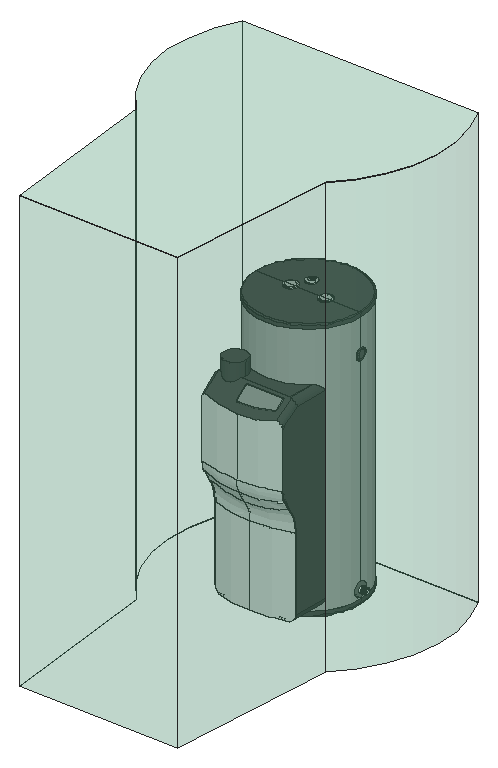
Revit family "Innovo FR_IR 24 245 FR LP", category Mechanical Equipment, Revit 2015
Parameters (values of type "IR-24-245 FR LP")
  largeur d'emballage = 786 mm  # constant formula
  l'Intervalle d'Entretien = "12 mois"  # constant formula
  Workspace Radius = Diameter + 170 mm  # 780 mm
  Workspace Height = Hauteur + 1000 mm  # 2545 mm
  Workspace Front Distance = 1000 mm
  Workspace [instance] = yes
  Valve Height 02 = if(and(Hauteur = 1745 mm, Diameter = 675 mm), 1518 mm, if(and(Hauteur = 1745 mm, Diameter = 610 mm), 1534 mm, if(Hauteur = 1545 mm, 1328 mm, 1070 mm)))  # 1328 mm
  Valve Height 01 = if(and(Diameter > 560 mm), 693 mm, 604 mm)  # 693 mm
  Valeur Maximale du Thermostat de Régulation = 85 °C  # constant formula
  Valeur Manimale du Thermostat de Régulation = 40 °C  # constant formula
  Valeur Défaut du Thermostat de Régulation = 65 °C  # constant formula
  URL = "www.aosmith.fr"
  Type d'Installation = "B23/C13/C33/C43/C53/C63"  # constant formula
  Type d'emballage = "Carton et bois"  # constant formula
  Tension d'Alimentation (-15%, +10%) = 230 V  # constant formula
  Température Maximale des Fumées = 65 °C
  Temps de réchauffement à ΔT = 70°C = "31"
  Temps de réchauffement à ΔT = 55°C = "24"
  Temps de réchauffement à ΔT = 50°C = "22"
  Temps de réchauffement à ΔT = 44°C = "20"
  Temps de réchauffement à ΔT = 28°C = "13"
  Spécifications du Produit = ""
  Réglages du thermostat du chauffe-eau = 65 °C  # constant formula
  Réglage Standard Pour = "G31"
  Rendement Saisonnier (Hs) = [Rendement (Hs, acc. NEN-EN 89 - 1999)]  # 95
  Rendement (Hs, acc. NEN-EN 89 - 1999) = 95
  Rendement (Hi, acc. NEN-EN 89 - 1999) = 106
  Raccord Évacuation de la Condensation = 40 mm  # constant formula
  Raccord de la Soupape de Vidange = 1"
  Raccord de Sortie d'Eau Chaude = 1"
  Raccord de Gaz = 15"  # constant formula
  Raccord d'Alimentation en Eau Froide = 3/4"  # constant formula
  Raccord Robinet de Vidange = 3/4"  # constant formula
  Puissance Électrique Absorbée (sommet) = 105 W
  Puissance Électrique Absorbée (nominal) = 85 W
  Profondeur d'emballage = 946 mm  # constant formula
  Profondeur = 780 mm  # constant formula
  Profils de soutirage déclaré = "XXL"
  Production Nominale = "30100.0"
  Pression de Fonctionnement Maximale = 800000.0 Pa  # constant formula
  Pression Différentielle d'Ouverture de l'Interrupteur de Pression < = 210.0 Pa
  Pression Amont de Gaz = "3700 Pa"
  Precaustions during assembling, installation or maintenance = "voir Manuel d'installation, d'emploi er d'entretien"  # constant formula
  Poids à vide = 120 kg
  Poids de Transport = 136 kg
  Phase = 1
  Pertes en Veille - tous les jours (24h) = 0 W
  Pertes en Veille = 0 W
  Nombre de modèle du produit (EAN) = "8717449286286"
  Niveau du Son dB (A) = "<45"  # constant formula
  Niveau de puissance acoustique à l'intérieur = "58 dB"
  NOx-émissions mg/kWh = "37"
  NOx-émissions (ven air, 0% O2) ppm = "23"
  Modèdele = "IR-32-245"
  Model = "IR-32-325 FR LP"
  Marque commerciale = "A.O. Smith"  # constant formula
  Manufacturer = "A.O. Smith Water Products Company b.v."  # constant formula
  Largeur = Diameter  # 610 mm
  La commande intelligente = no
  L'efficacité énergétique pour le chauffage de l'eau (2) = "-"
  L'efficacité énergétique pour le chauffage de l'eau (1) = "92%"
  Hauteur du Raccordement au Gaz = 920 mm
  Hauteur de la Sortie d'eau Chaude = 1545 mm
  Hauteur de l'Alimentation en eau Froide = 170 mm
  Hauteur d'emballage = 1695 mm
  Hauteur Conduit d'Évacuation des Fumées = 1345 mm
  Hauteur Conduit d'Alimentation en Air = 1345 mm
  Hauteur = 1545 mm
  Guide de Produit = ""
  Garantie sur la Cuve = "36 mois"  # constant formula
  Garantie Pièces = "12 mois"  # constant formula
  Fréquence secteur = 50 Hz  # constant formula
  Forctionner qu'en heures creuses = no
  Fabricant No. = "E 7110"  # constant formula
  Epaisseur d'Isolation = 44 mm
  Débit de vidage à ΔT = 70°C après 90 min. = 710.0 L
  Débit de vidage à ΔT = 70°C après 60 min. = 520.0 L
  Débit de vidage à ΔT = 70°C après 30 min. = 330.0 L
  Débit de vidage à ΔT = 70°C après 120 min. = 900.0 L
  Débit de vidage à ΔT = 55°C après 90 min. = 930.0 L
  Débit de vidage à ΔT = 55°C après 60 min. = 690.0 L
  Débit de vidage à ΔT = 55°C après 30 min. = 440.0 L
  Débit de vidage à ΔT = 55°C après 120 min. = 1200.0 L
  Débit de vidage à ΔT = 50°C après 90 min. = 1100.0 L
  Débit de vidage à ΔT = 50°C après 60 min. = 760.0 L
  Débit de vidage à ΔT = 50°C après 30 min. = 500.0 L
  Débit de vidage à ΔT = 50°C après 120 min. = 1300.0 L
  Débit de vidage à ΔT = 44°C après 90 min. = 1200.0 L
  Débit de vidage à ΔT = 44°C après 60 min. = 870.0 L
  Débit de vidage à ΔT = 44°C après 30 min. = 570.0 L
  Débit de vidage à ΔT = 44°C après 120 min. = 1500.0 L
  Débit de vidage à ΔT = 28°C après 90 min. = 1900.0 L
  Débit de vidage à ΔT = 28°C après 60 min. = 1400.0 L
  Débit de vidage à ΔT = 28°C après 30 min. = 930.0 L
  Débit de vidage à ΔT = 28°C après 120 min. = 2400.0 L
  Débit de vidage en Continu à ΔT = 70°C = 380.0 L/s
  Débit de vidage en Continu à ΔT = 55°C = 480.0 L/s
  Débit de vidage en Continu à ΔT = 50°C = 530.0 L/s
  Débit de vidage en Continu à ΔT = 44°C = 600.0 L/s
  Débit de vidage en Continu à ΔT = 28°C = 960.0 L/s
  Diamètre Cheminée - Système Parallèle = "2x80"  # constant formula
  Diamètre Cheminée - Système Concentrique = "80/125 mm/mm"  # constant formula
  Diamètre Cheminée - Boiler = "80/125 mm/mm"  # constant formula
  Diameter = 610 mm
  Destination / Country = "France"  # constant formula
  Description = "Préparateur ECS Solaire en Combinaison avec Réservoir de Stockage"  # constant formula
  D'autres profils de soutirage = "-"
  Created By = "http://www.cadcompany.nl/"
  Consommation de Gaz - Volume ltr/hr = "a/p"
  Consommation de Gaz - Masse kg/h = "2.30"
  Class d'efficacité énergétique (2) = "-"
  Class d'efficacité énergétique (1) = "A"  # constant formula
  Charge Nominale (Valeur Supérieure) = "31500.0"
  Charge Nominale (Valeur Inférieure) = "29000.0"
  Charge Maximale au Sol = 381 kg
  Catégorie de Gaz = "II2Esi3P"  # constant formula
  Capacité = 245.0 L
  CO2 Émissions (tol. +/- 1.0) vol% = "10"
  CE-PIN = "0063CQ3037"  # constant formula
  BIM Content Developer = "CAD & Company"  # constant formula
  Assembly Code = "D3010"
  Annual fuel consumption (2) = "-"
  Annual fuel consumption (1) = "21 GJ GCV"
  Annual electricity consumption (2) = "-"
  Annual electricity consumption (1) = "44 kWh"
  2ème Entretien (Entretien Général) = "12 mois après l'installation"  # constant formula
  1er Entretien (check-up) = "3 mois après l'installation"  # constant formula
Reference planes
  plane 1 "Center (Front/Back)": y = 0
  plane 2: z = 0
  plane 3 "Center (Left/Right)": x = 0
  plane 4 "Pipe": through (-383.901, 912.349, 194.799) normal (-0.0879, -0.0879, 0.9923)
  plane 5 "footing": y = 118.925
  plane 6 "footing front": y = -237.85
  plane 7: x = -305
  plane 8: x = 305
  plane 9: z = 1545
Forms (mm)
  Revolve 1, solid, material "RAL 9005", detail levels medium+fine
    sketch origin (0, -237.85, 0) x (-1, 0, 0) y (0, 0, 1)
      loop
        line (0, 28.9) -> (-15, 28.9) -> (-15, 26.4) -> (-8.671, 26.4) -> (-8.671, 18) -> (-5.686, 18) -> (-6.626, 17.06) -> (-6.626, 12.06) -> (-8.671, 12.06) -> (-8.671, 10) -> (-10.031, 10) -> (-23.271, 5.181)
        arc (-23.271, 5.181) -> (-23.763, 4.836) -> (-24.017, 4.293) r 1.159
        line (-24.017, 4.293) -> (-24.017, 1.03)
        arc (-24.017, 1.03) -> (-23.715, 0.302) -> (-22.986, 0) r 1.03
        line (-22.986, 0) -> (0, 0) -> (0, 28.9)
      axis (0, 28.9) -> (0, 0)
    angle from 0 to 360
  Revolve 2, solid, material "RAL 9005", detail levels medium+fine
    sketch origin (0, 118.925, 0) x (-1, 0, 0) y (0, 0, 1)
      loop
        line (-205.984, 28.9) -> (-220.984, 28.9) -> (-220.984, 26.4) -> (-214.655, 26.4) -> (-214.655, 18) -> (-211.67, 18) -> (-212.61, 17.06) -> (-212.61, 12.06) -> (-214.655, 12.06) -> (-214.655, 10) -> (-216.015, 10) -> (-229.256, 5.181)
        arc (-229.256, 5.181) -> (-229.747, 4.836) -> (-230.001, 4.293) r 1.159
        line (-230.001, 4.293) -> (-230.001, 1.03)
        arc (-230.001, 1.03) -> (-229.699, 0.302) -> (-228.971, 0) r 1.03
        line (-228.971, 0) -> (-205.984, 0) -> (-205.984, 28.9)
      axis (-205.984, 28.9) -> (-205.984, 0)
    angle from 0 to 360
  Revolve 3, solid, material "RAL 9005", detail levels medium+fine
    sketch origin (0, 118.925, 0) x (-1, 0, 0) y (0, 0, 1)
      loop
        line (204.016, 28.9) -> (189.016, 28.9) -> (189.016, 26.4) -> (195.345, 26.4) -> (195.345, 18) -> (198.33, 18) -> (197.39, 17.06) -> (197.39, 12.06) -> (195.345, 12.06) -> (195.345, 10) -> (193.985, 10) -> (180.744, 5.181)
        arc (180.744, 5.181) -> (180.253, 4.836) -> (179.999, 4.293) r 1.159
        line (179.999, 4.293) -> (179.999, 1.03)
        arc (179.999, 1.03) -> (180.301, 0.302) -> (181.029, 0) r 1.03
        line (181.029, 0) -> (204.016, 0) -> (204.016, 28.9)
      axis (204.016, 28.9) -> (204.016, 0)
    angle from 0 to 360
Lines and regions (mm)
  symbolic lines
    curve 1: line (0, 280.06, 0) -> (0, -280.06, 0)
    curve 2: line (-280.06, 0, 0) -> (280.06, 0, 0)
  symbolic lines, style "Workspace"
    curve 3: line (681.142, 380.06, 0) -> (-681.142, 380.06, 0)
    curve 4: arc (-681.142, 380.06, 0) -> (-777.325, -64.546, 0) -> (-609.127, -487.2, 0) r 780
    curve 5: line (-609.127, -487.2, 0) -> (-421.783, -1517.825, 0)
    curve 6: line (-421.783, -1517.825, 0) -> (424.03, -1517.825, 0)
    curve 7: line (424.03, -1517.825, 0) -> (611.027, -484.816, 0)
    curve 8: arc (611.027, -484.816, 0) -> (777.449, -63.027, 0) -> (681.142, 380.06, 0) r 780
Dimensions and locks
  plane 5 "footing" to plane 1 "Center (Front/Back)" = 118.925 mm
  plane 1 "Center (Front/Back)" to plane 6 "footing front" = 237.85 mm
  "Diameter": plane 7 to plane 8
  equal spacing: plane 7, plane 3 "Center (Left/Right)", plane 8
  "Hauteur": plane 9 to plane 2
  "Workspace Front Distance": curve 6 to nested 3
  "Workspace Radius": radius of curve 4
  "Workspace Radius": radius of curve 8
  aligned and locked: level to plane 2
  aligned and locked: nested 3 to Revolve 1 sketch curve
  aligned and locked: plane 3 "Center (Left/Right)" to Revolve 1 sketch curve
  aligned and locked: nested 3 to plane 1 "Center (Front/Back)"
  aligned and locked: plane 3 "Center (Left/Right)" to nested 3
  aligned and locked: nested 1 to plane 8
  aligned and locked: nested 5 to plane 8
  aligned and locked: nested 2 to plane 7
  aligned and locked: nested 4 to plane 7
  aligned and locked: nested 7 to plane 7
  aligned and locked: nested 8 to plane 3 "Center (Left/Right)"
  aligned and locked: nested 8 to nested 3
  aligned and locked: curve 3 to nested 8
Automatic sketch dimensions
  Revolve 1 sketch curve to level = 0 mm
  plane 3 "Center (Left/Right)" to Revolve 1 sketch curve = 5.686 mm
  Revolve 1 sketch curve to Revolve 1 sketch curve = 0.94 mm  (x2)
  Revolve 1 sketch curve to Revolve 1 sketch curve = 2.046 mm  (x2)
  Revolve 1 sketch curve to Revolve 1 sketch curve = 1.359 mm
  Revolve 1 sketch curve to Revolve 1 sketch curve = 6.329 mm
  level to Revolve 1 sketch curve = 4.091 mm
  Revolve 1 sketch curve to Revolve 1 sketch curve = 12.844 mm
  level to Revolve 1 sketch curve = 1.03 mm
  Revolve 1 sketch curve to Revolve 1 sketch curve = 0.111 mm
  level to Revolve 1 sketch curve = 5.181 mm
  Revolve 1 sketch curve to Revolve 1 sketch curve = 0.745 mm
  level to Revolve 1 sketch curve = 10 mm
  Revolve 1 sketch curve to Revolve 1 sketch curve = 2.06 mm
  Revolve 1 sketch curve to Revolve 1 sketch curve = 5 mm
  Revolve 1 sketch curve to Revolve 1 sketch curve = 8.4 mm
  Revolve 1 sketch curve to Revolve 1 sketch curve = 2.5 mm
  Revolve 1 sketch curve to level = 19.635 mm
  Revolve 1 sketch curve to Revolve 1 sketch curve = 46.465 mm
  Revolve 2 sketch curve to level = 0 mm
  level to Revolve 2 sketch curve = 1.03 mm
  Revolve 2 sketch curve to plane 8 = 74.999 mm
  level to Revolve 2 sketch curve = 5.181 mm
  Revolve 2 sketch curve to Revolve 2 sketch curve = 0.745 mm
  Revolve 2 sketch curve to Revolve 2 sketch curve = 0.397 mm
  Revolve 2 sketch curve to Revolve 2 sketch curve = 8.271 mm
  Revolve 2 sketch curve to Revolve 2 sketch curve = 13.241 mm
  Revolve 2 sketch curve to Revolve 2 sketch curve = 1.359 mm
  Revolve 2 sketch curve to Revolve 2 sketch curve = 6.329 mm
  Revolve 2 sketch curve to Revolve 2 sketch curve = 2.046 mm
  level to Revolve 2 sketch curve = 18 mm
  Revolve 2 sketch curve to Revolve 2 sketch curve = 0.94 mm  (x2)
  Revolve 2 sketch curve to Revolve 2 sketch curve = 8.671 mm
  Revolve 2 sketch curve to Revolve 2 sketch curve = 1.089 mm
  Revolve 2 sketch curve to Revolve 2 sketch curve = 8 mm
  Revolve 2 sketch curve to Revolve 2 sketch curve = 2.06 mm
  Revolve 2 sketch curve to Revolve 2 sketch curve = 8.4 mm
  Revolve 2 sketch curve to Revolve 2 sketch curve = 2.5 mm
  Revolve 2 sketch curve to Revolve 2 sketch curve = 0 mm
  Revolve 2 sketch curve to level = 19.635 mm
  Revolve 2 sketch curve to Revolve 2 sketch curve = 46.465 mm
  Revolve 3 sketch curve to level = 0 mm
  level to Revolve 3 sketch curve = 1.03 mm
  Revolve 3 sketch curve to plane 7 = 125.001 mm
  level to Revolve 3 sketch curve = 5.181 mm
  Revolve 3 sketch curve to Revolve 3 sketch curve = 0.745 mm
  Revolve 3 sketch curve to Revolve 3 sketch curve = 0.397 mm
  Revolve 3 sketch curve to Revolve 3 sketch curve = 8.271 mm
  Revolve 3 sketch curve to Revolve 3 sketch curve = 13.241 mm
  Revolve 3 sketch curve to Revolve 3 sketch curve = 1.359 mm
  Revolve 3 sketch curve to Revolve 3 sketch curve = 6.329 mm
  Revolve 3 sketch curve to Revolve 3 sketch curve = 2.046 mm
  level to Revolve 3 sketch curve = 18 mm
  Revolve 3 sketch curve to Revolve 3 sketch curve = 0.94 mm  (x2)
  Revolve 3 sketch curve to Revolve 3 sketch curve = 8.671 mm
  Revolve 3 sketch curve to Revolve 3 sketch curve = 1.089 mm
  Revolve 3 sketch curve to Revolve 3 sketch curve = 8 mm
  Revolve 3 sketch curve to Revolve 3 sketch curve = 2.06 mm
  Revolve 3 sketch curve to Revolve 3 sketch curve = 8.4 mm
  Revolve 3 sketch curve to Revolve 3 sketch curve = 2.5 mm
  Revolve 3 sketch curve to Revolve 3 sketch curve = 0 mm
  Revolve 3 sketch curve to level = 19.635 mm
  Revolve 3 sketch curve to Revolve 3 sketch curve = 46.465 mm
  curve 4 to curve 8 = 0 mm  (x2)
  plane 1 "Center (Front/Back)" to curve 2 = 0 mm
  curve 1 to plane 3 "Center (Left/Right)" = 0 mm
  plane 1 "Center (Front/Back)" to curve 4 = 0 mm
  curve 4 to plane 3 "Center (Left/Right)" = 0 mm
  curve 5 to plane 6 "footing front" = 249.35 mm
  plane 7 to curve 5 = 116.783 mm
  plane 8 to curve 7 = 119.03 mm
  curve 7 to plane 6 "footing front" = 246.966 mm
  curve 2 to plane 7 = 24.94 mm
  curve 2 to plane 8 = 24.94 mm
  curve 1 to plane 6 "footing front" = 42.21 mm
  plane 5 "footing" to curve 1 = 161.135 mm
Nested families
  nested 1: "Valve" at (305, -0.38, 1328) x (0, 1, 0) z (0, 0, 1), built-in parameter 1001364 <- "Valve Height 02", type "Valve"
  nested 2: "Drain Valve" at (-305, 0, 1328), built-in parameter 1001364 <- "Valve Height 02", type "Drain Valve"
  nested 3: "Housing Mother Housing S 57 (external)" at (0, -299.886, 0), type "Housing Mother_Housing S_57"
    with radius 305 mm, distance to boiler center 154 mm, diameter 610 mm
  nested 4: "Drain Valve" at (-305, 0, 177), type "Drain Valve"
  nested 5: "Drain Valve" at (305, 0, 107) x (-1, 0, 0) z (0, 0, 1), type "Drain Valve"
  nested 6: "Boiler" at (0, 0, 0), height <- "Hauteur", type "Boiler"
    with height 1545 mm, radius 305 mm, Diameter 610 mm
  nested 7: "Drain Valve" at (-305, 0, 693), built-in parameter 1001364 <- "Valve Height 01", type "Drain Valve"
  nested 8: "Innovo_workspace" at (0, 0, 0), Workspace Distance Front <- "Workspace Front Distance", Workspace <- "Workspace", Workspace Height <- "Workspace Height", Workspace Radius <- "Workspace Radius", type "Workspace"
    with Workspace Radius 780 mm, Workspace Height 2545 mm, Workspace Distance Front 1000 mm, Workspace yes, Center to Front 517.825 mm
Connectors
  piping at (339.826, 0, 107), diameter 19.05, driven by "Raccord Robinet de Vidange"
    settings: on nested 5, index 1, connector inside diameter 24", connector length 0 mm, flow factor 0, pipe flow 0.0 L/s, pressure drop 0.0 Pa, fitting loss kfactor 0, connector angle 0.00°, fixture units 0, engagement length 0 mm, angle of deflection 0.00°, flow configuration 0, flow direction 0, fitting loss method 0, system type 19, joint type 0, gender type 0, connector reference index -1, connector utility 0, adjustable connector no, is connector primary yes, connector description ""
  hvac at (-147.013, -346.326, 1310.674)
    settings: on nested 3, index 2, duct flow 0.0 L/s, flow factor 0, pres drop 0.0 Pa, loss coef 0, conn angle 0.00°, conn width 304.8 mm, conn height 304.8 mm, conn diameter 125 mm, duct sys type 4, conn prof type 0, flow config 0, flow direction 0, loss method 0, conn ref index -1, conn util no, is conn primary yes, conn desc ""
Definition of nested family "Valve"
  Parameters (values of type "Valve")
    Type Comments = "T&P valve (internal)"
    Manufacturer = "A.O. Smith"
  Reference planes
    plane 1 "Center (Front/Back)": y = 0
    plane 2: z = 0
    plane 3 "Center (Left/Right)": x = 0
  Forms (mm)
    Extrusion 1, solid, detail levels fine
      sketch origin (0, 0, 0) x (1, 0, 0) y (0, 0, 1)
        loop
          circle (0, 0) r 31.5
      from -2.271 to 1.4
    Sweep 2, solid, detail levels fine
      path origin (0, -1.4, 0) x (1, 0, 0) y (0, 0, 1)
        loop
          circle (0, 0) r 31.5
      profile origin (0, -1.4, 31.5) x (0, 0, -1) y (0, -1, 0)
        loop
          line (7.3, 0) -> (7.3, 3) -> (0, 0) -> (7.3, 0)
  Dimensions and locks
    aligned and locked: level to plane 2
Definition of nested family "Drain Valve"
  Reference planes
    plane 1 "Center (Front/Back)": y = 0
    plane 2: z = 0
    plane 3 "Center (Left/Right)": x = 0
  Forms (mm)
    Revolve 1, solid, detail levels medium+fine
      sketch origin (0, 0, 0) x (1, 0, 0) y (0, 0, 1)
        loop
          line (-33.442, 15.696) -> (-34.826, 14.329) -> (-34.93, 12.731) -> (-16.555, 12.731) -> (-16.555, 0) -> (15.787, 0) -> (15.787, 18.3) -> (-14.4, 18.3) -> (-17.148, 15.533) -> (-18.729, 16.697) -> (-20.091, 15.333) -> (-21.672, 16.496) -> (-23.034, 15.133) -> (-24.614, 16.296) -> (-25.976, 14.932) -> (-27.557, 16.096) -> (-28.919, 14.732) -> (-30.5, 15.896) -> (-31.862, 14.532) -> (-33.442, 15.696)
        axis (-34.93, 0) -> (15.787, 0)
      angle from 0 to 360
  Dimensions and locks
    aligned and locked: level to plane 2
  Nested families
    nested 1: "Rubber sealing" at (2.592, -0.155, 0) x (0.0023, -1, 0) z (0, 0, 1), type "Rubber sealing", detail levels fine
  Definition of nested family "Rubber sealing"
    Reference planes
      plane 1 "Center (Front/Back)": y = 0
      plane 2: z = 0
      plane 3 "Center (Left/Right)": x = 0
    Forms (mm)
      Extrusion 1, solid, detail levels fine
        sketch origin (141.861, 319.581, 0) x (1, 0, 0) y (0, 1, 0)
          loop
            line (-216.354, -311.898) -> (-216.354, -313.94)
            arc (-216.354, -313.94) -> (-141.602, -321.581) -> (-66.861, -313.835) r 366.966
            line (-66.861, -313.835) -> (-66.861, -311.791)
            arc (-66.861, -311.791) -> (-141.602, -319.581) -> (-216.354, -311.898) r 364.966
        from -80 to 80
      Extrusion 2, void
        sketch origin (141.861, 319.581, 0) x (1, 0, 0) y (0, 0, 1)
          loop
            circle (-141.861, 0) r 13
          loop
            circle (-141.861, 0) r 110
          loop
            circle (-141.861, 0) r 40
        from 311.563 to 332.684
      Extrusion 3, void
        sketch origin (141.861, 319.581, 0) x (1, 0, 0) y (0, 0, 1)
          loop
            circle (-141.861, 0) r 18.25
        from 315.524 to 326.084
    Cuts and joins
      Extrusion 2, Extrusion 3 cuts Extrusion 1
    Dimensions and locks
      aligned and locked: level to plane 2
Definition of nested family "Housing Mother Housing S 57 (external)"
  Parameters (values of type "Housing Mother_Housing S_57")
    radius [instance] = 280 mm
    distance to boiler center = if(diameter = 675 mm, 189 mm, if(diameter = 610 mm, 154 mm, 129 mm))  # 129 mm
    diameter = 560 mm
  Reference planes
    plane 1 "Center (Front/Back)": y = 0
    plane 2: z = 0
    plane 3 "Center (Left/Right)": x = 0
    plane 4 "left": through (-245.286, 145.886, 1200) normal (0.9994, 0.0349, 0)
    plane 5: y = -217.939
    plane 6: y = 145.886
    plane 7: z = 1232.6
    plane 8: z = 65.89
    plane 9 "right": through (245.286, 145.886, 1200) normal (0.9994, -0.0349, 0)
    plane 10 "display": through (0, -90.37, 1221.196) normal (0, -0.5736, 0.8192)
    plane 11 "Potentiostat": z = 867.899
    plane 12 "boiler center": y = 274.886
    plane 13: x = -280
    plane 14: x = 280
  Forms (mm)
    Extrusion 1, solid
      sketch origin (0, 0, 0) x (1, 0, 0) y (0, 1, 0)
        loop
          line (-245.286, 145.886) -> (-232.581, -217.939) -> (232.581, -217.939) -> (245.286, 145.886)
          arc (245.286, 145.886) -> (0, 0.923) -> (-245.286, 145.886) r 280
      from 0 to 1232.6
    Sweep 2, void
      path origin (0, 0, 0) x (0, 1, 0) y (0, 0, 1)
        loop
          line (-217.939, 1232.6) -> (-217.939, 795.555)
          arc (-217.939, 795.555) -> (-212.387, 754.285) -> (-197.694, 715.322) r 183.924
          arc (-197.694, 715.322) -> (-179.915, 684.628) -> (-159.106, 655.901) r 348.284
          arc (-159.106, 655.901) -> (-131.411, 600.328) -> (-121.88, 538.973) r 202.254
          line (-121.88, 538.973) -> (-121.88, 61.106)
      profile origin (0, -217.939, 1014.077) x (1, 0, 0) y (0, 1, 0)
        loop
          arc (0, 0) -> (-117.533, 9.941) -> (-231.728, 39.475) r 699.984
          arc (-231.728, 39.475) -> (-233.391, 40.705) -> (-234.07, 42.659) r 3.505
          line (-234.07, 42.659) -> (-254.062, 42.659) -> (-254.062, -142.593) -> (254.07, -142.593) -> (254.07, 42.659) -> (234.07, 42.659)
          arc (234.07, 42.659) -> (233.391, 40.705) -> (231.728, 39.475) r 3.505
          arc (231.728, 39.475) -> (117.533, 9.941) -> (0, 0) r 699.984
    Extrusion 3, void
      sketch origin (0, 0, 0) x (0, 1, 0) y (0, 0, 1)
        loop
          arc (102.864, 70.869) -> (99.804, 70.709) -> (96.874, 69.813) r 12.57
          arc (96.874, 69.813) -> (87.878, 66.533) -> (78.516, 64.529) r 69.114
          arc (78.516, 64.529) -> (76.41, 64.284) -> (74.294, 64.148) r 41.206
          arc (74.294, 64.148) -> (65.203, 64.335) -> (56.122, 64.782) r 318.661
          arc (56.122, 64.782) -> (30.585, 66.179) -> (5.028, 67.128) r 1456.581
          line (5.028, 67.128) -> (-84.534, 73.135)
          arc (-84.534, 73.135) -> (-86.363, 73.808) -> (-87.536, 75.365) r 3.455
          line (-87.536, 75.365) -> (-264.473, 75.365) -> (-264.473, 0) -> (160.886, 0) -> (160.886, 103.945) -> (145.886, 103.945)
          arc (145.886, 103.945) -> (145.104, 97.827) -> (142.923, 92.059) r 26.364
          arc (142.923, 92.059) -> (141.067, 88.936) -> (138.867, 86.045) r 31.715
          arc (138.867, 86.045) -> (135.576, 82.49) -> (132.021, 79.2) r 62.615
          arc (132.021, 79.2) -> (125.841, 74.697) -> (119.091, 71.103) r 54.444
          arc (119.091, 71.103) -> (116.371, 70.272) -> (113.531, 70.123) r 11.669
          line (113.531, 70.123) -> (102.864, 70.869)
      from -254.062 to 254.07
    Sweep 4, void
      path origin (0, 0, 0) x (1, 0, 0) y (0, 1, 0)
        loop
          line (-245.286, 145.886) -> (-232.581, -217.939)
      profile origin (-238.933, -36.027, 0) x (0.999391, 0.034899, 0) y (0, 0, 1)
        loop
          line (-4.454, 0) -> (47.084, 0) -> (47.084, 73.431)
          arc (47.084, 73.431) -> (14.222, 85.134) -> (0.255, 117.1) r 43.922
          line (0.255, 117.1) -> (-4.454, 117.1) -> (-4.454, 0)
    Sweep 5, void
      path origin (0, 0, 0) x (-1, 0, 0) y (0, 1, 0)
        loop
          line (-245.286, 145.886) -> (-232.581, -217.939)
      profile origin (238.933, -36.027, 0) x (0.999391, -0.034899, 0) y (0, 0, 1)
        loop
          line (4.454, 0) -> (4.454, 117.1) -> (-0.255, 117.1)
          arc (-0.255, 117.1) -> (-14.222, 85.134) -> (-47.084, 73.431) r 43.922
          line (-47.084, 73.431) -> (-47.084, 0) -> (4.454, 0)
    Sweep 6, void
      path origin (-239.899, -8.377, 0) x (-0.034899, 0.999391, 0) y (0, 0, 1)
        loop
          line (-209.69, 1141.272) -> (-79.18, 1232.6) -> (154.358, 1232.6)
      profile origin (-241.211, 29.188, 1232.6) x (0, 0, 1) y (0.999391, 0.034899, 0)
        loop
          line (-45, -30) -> (75, -30) -> (75, 0) -> (75, 55) -> (2.799, 55) -> (-1.253, 35.128)
          arc (-1.253, 35.128) -> (-16.771, 9.564) -> (-45, -0.308) r 44.287
          line (-45, -0.308) -> (-45, -30)
    Sweep 7, void
      path origin (239.899, -8.377, 0) x (0.034899, 0.999391, 0) y (0, 0, 1)
        loop
          line (-209.69, 1141.272) -> (-79.18, 1232.6) -> (154.358, 1232.6)
      profile origin (241.211, 29.188, 1232.6) x (0, 0, -1) y (-0.999391, 0.034899, 0)
        loop
          line (-75, -25) -> (45, -25) -> (45, -0.308)
          arc (45, -0.308) -> (16.771, 9.564) -> (1.253, 35.128) r 44.287
          line (1.253, 35.128) -> (-2.799, 55) -> (-75, 55) -> (-75, -25)
    Extrusion 8, void
      sketch origin (0, 0, 0) x (0, 1, 0) y (0, 0, 1)
        loop
          line (-270, 1336.099) -> (-270, 1099.081) -> (68.497, 1336.099) -> (-270, 1336.099)
      from -425.038 to 444.42
    Extrusion 9, solid, detail levels medium+fine
      sketch origin (0, 0, 0) x (1, 0, 0) y (0, 1, 0)
        loop
          circle (-147.013, -46.44) r 65
      from 1163.174 to 1310.674
    Extrusion 10, void
      sketch origin (0, -603.506, 861.895) x (0, 0.819152, 0.573576) y (-1, 0, 0)
        loop
          arc (618.322, -173) -> (623.272, -170.95) -> (625.322, -166) r 7
          line (625.322, -166) -> (625.322, 35)
          arc (625.322, 35) -> (623.272, 39.95) -> (618.322, 42) r 7
          line (618.322, 42) -> (535.473, 42)
          arc (535.473, 42) -> (530.688, 40.11) -> (528.488, 35.46) r 7
          arc (528.488, 35.46) -> (531.569, -67.592) -> (554.18, -168.18) r 540
          arc (554.18, -168.18) -> (556.724, -171.668) -> (560.831, -173) r 7
          line (560.831, -173) -> (618.322, -173)
      from 0 to 137.286
    Sweep 11, solid, detail levels fine
      path origin (0, 0, 867.899) x (-1, 0, 0) y (0, -1, 0)
        loop
          line (309.749, -35.617) -> (204.371, -35.617)
          arc (204.371, -35.617) -> (196.509, -34.687) -> (189.082, -31.947) r 33.677
          line (189.082, -31.947) -> (-9.574, 69.274)
      profile origin (-257.06, 35.617, 867.899) x (0, 1, 0) y (0, 0, 1)
        loop
          circle (0, 0) r 7.316
        loop
          circle (0, 0) r 6.465
    Revolve 12, void
      sketch origin (0, 274.886, 0) x (-1, 0, 0) y (0, 0, 1)
        loop
          line (280, 1243.838) -> (0, 1243.838) -> (0, 54.9) -> (280, 54.9) -> (280, 1243.838)
        axis (0, 1243.838) -> (0, 54.9)
      angle from 0 to 360
  Cuts and joins
    Sweep 2, Extrusion 3, Sweep 4, Sweep 5, Sweep 6, Sweep 7, Extrusion 8, Extrusion 10, Revolve 12 cuts Extrusion 1
  Dimensions and locks
    plane 8 to plane 2 = 65.89 mm
    plane 7 to plane 8 = 1166.71 mm
    "distance to boiler center": plane 12 "boiler center" to plane 6
    "diameter": plane 14 to plane 13
    equal spacing: plane 14, plane 3 "Center (Left/Right)", plane 13
    "radius": plane 3 "Center (Left/Right)" to plane 13
    aligned and locked: level to plane 2
    aligned and locked: Extrusion 1 to plane 7
    aligned and locked: Extrusion 1 sketch curve to plane 5
    aligned and locked: Sweep 2 to Extrusion 3
    aligned and locked: Extrusion 3 to Sweep 2  (x2)
    aligned and locked: plane 7 to Sweep 2 sketch curve
    aligned and locked: plane 3 "Center (Left/Right)" to Revolve 12 sketch curve
    aligned and locked: Revolve 12 sketch curve to plane 3 "Center (Left/Right)"
    aligned and locked: plane 13 to Revolve 12 sketch curve
  Automatic sketch dimensions
    Extrusion 1 sketch curve to plane 4 "left" = 0 mm  (x2)
    Extrusion 1 sketch curve to plane 6 = 0 mm  (x2)
    Extrusion 1 sketch curve to plane 3 "Center (Left/Right)" = 0 mm
    Extrusion 1 sketch curve to plane 9 "right" = 0 mm
    plane 6 to Extrusion 1 sketch curve = 135.037 mm
    Sweep 2 sketch curve to plane 5 = 0 mm
    plane 5 to Sweep 2 sketch curve = 106.195 mm
    Sweep 2 sketch curve to plane 5 = 96.059 mm
    plane 1 "Center (Front/Back)" to Sweep 2 sketch curve = 34.053 mm
    plane 11 "Potentiostat" to Sweep 2 sketch curve = 6.417 mm
    Sweep 2 sketch curve to plane 6 = 33.705 mm
    Sweep 2 sketch curve to plane 11 "Potentiostat" = 68.615 mm
    Sweep 2 sketch curve to plane 11 "Potentiostat" = 72.345 mm
    Sweep 2 sketch curve to Sweep 2 sketch curve = 176.349 mm
    Sweep 2 sketch curve to Sweep 2 sketch curve = 0 mm  (x2)
    plane 8 to Sweep 2 sketch curve = 4.784 mm
    Extrusion 3 sketch curve to level = 0 mm
    Extrusion 3 sketch curve to plane 6 = 0 mm
    Extrusion 3 sketch curve to plane 6 = 26.363 mm
    Extrusion 3 sketch curve to Extrusion 3 sketch curve = 4.75 mm
    Extrusion 3 sketch curve to Extrusion 3 sketch curve = 5.179 mm
    Extrusion 3 sketch curve to plane 8 = 4.232 mm
    Extrusion 3 sketch curve to Extrusion 3 sketch curve = 0.814 mm
    Extrusion 3 sketch curve to plane 8 = 4.978 mm
    Extrusion 3 sketch curve to Extrusion 3 sketch curve = 10.667 mm
    Extrusion 3 sketch curve to Extrusion 3 sketch curve = 0.877 mm
    Extrusion 3 sketch curve to Extrusion 3 sketch curve = 17.827 mm
    Extrusion 3 sketch curve to Extrusion 3 sketch curve = 5.646 mm
    Extrusion 3 sketch curve to plane 6 = 69.562 mm
    Extrusion 3 sketch curve to Extrusion 3 sketch curve = 18.6 mm
    Extrusion 3 sketch curve to Extrusion 3 sketch curve = 22.538 mm
    Extrusion 3 sketch curve to plane 8 = 1.238 mm
    Extrusion 3 sketch curve to plane 1 "Center (Front/Back)" = 5.028 mm
    plane 1 "Center (Front/Back)" to Extrusion 3 sketch curve = 36.224 mm
    Extrusion 3 sketch curve to plane 8 = 10.692 mm
    plane 1 "Center (Front/Back)" to Extrusion 3 sketch curve = 84.302 mm
    Extrusion 3 sketch curve to plane 8 = 7.244 mm
    Extrusion 3 sketch curve to Extrusion 3 sketch curve = 0.231 mm
    Extrusion 3 sketch curve to Extrusion 3 sketch curve = 3.234 mm
    plane 5 to Extrusion 3 sketch curve = 46.534 mm
    plane 6 to Extrusion 3 sketch curve = 15 mm
    Extrusion 3 sketch curve to level = 1388.869 mm
    plane 8 to Extrusion 3 sketch curve = 7.561 mm
    Extrusion 3 sketch curve to Extrusion 3 sketch curve = 11.64 mm
    Extrusion 3 sketch curve to plane 8 = 38.054 mm
    Extrusion 3 sketch curve to Extrusion 3 sketch curve = 22.442 mm
    Extrusion 3 sketch curve to plane 8 = 39.432 mm
    Extrusion 3 sketch curve to Extrusion 3 sketch curve = 2.466 mm
    Extrusion 3 sketch curve to Extrusion 3 sketch curve = 14.17 mm
    Extrusion 3 sketch curve to Extrusion 3 sketch curve = 5.925 mm
    Extrusion 3 sketch curve to Extrusion 3 sketch curve = 6.186 mm
    Extrusion 3 sketch curve to Extrusion 3 sketch curve = 249.85 mm
    Extrusion 3 sketch curve to Extrusion 3 sketch curve = 0 mm  (x4)
    Extrusion 3 sketch curve to Extrusion 3 sketch curve = 6.845 mm
    plane 8 to Extrusion 3 sketch curve = 1.743 mm
    Sweep 4 sketch curve to plane 4 "left" = 0 mm  (x2)
    Sweep 4 sketch curve to plane 6 = 0 mm
    plane 5 to Sweep 4 sketch curve = 0 mm
    Sweep 4 sketch curve to level = 0 mm
    profile plane to Sweep 4 sketch curve = 4.454 mm
    Sweep 4 sketch curve to profile plane = 0.255 mm
    Sweep 4 sketch curve to Sweep 4 sketch curve = 43.922 mm
    Sweep 4 sketch curve to profile plane = 47.084 mm
    level to Sweep 4 sketch curve = 73.431 mm
    Sweep 4 sketch curve to Sweep 4 sketch curve = 43.669 mm
    Sweep 5 sketch curve to plane 6 = 0 mm
    Sweep 5 sketch curve to plane 9 "right" = 0 mm  (x2)
    plane 5 to Sweep 5 sketch curve = 0 mm
    Sweep 5 sketch curve to level = 0 mm
    profile plane to Sweep 5 sketch curve = 47.084 mm
    Sweep 5 sketch curve to Sweep 5 sketch curve = 2.907 mm
    profile plane to Sweep 5 sketch curve = 0.255 mm
    Sweep 5 sketch curve to profile plane = 4.454 mm
    level to Sweep 5 sketch curve = 73.431 mm
    Sweep 5 sketch curve to Sweep 5 sketch curve = 43.669 mm
    Sweep 6 sketch curve to plane 7 = 0 mm
    plane 7 to Sweep 6 sketch curve = 91.328 mm
    Sweep 6 sketch curve to Sweep 6 sketch curve = 130.509 mm
    Sweep 6 sketch curve to Sweep 6 sketch curve = 233.538 mm
    Sweep 6 sketch curve to plane 4 "left" = 0 mm
    profile plane to Sweep 6 sketch curve = 45 mm
    Sweep 6 sketch curve to Sweep 6 sketch curve = 0.354 mm
    profile plane to Sweep 6 sketch curve = 1.253 mm
    Sweep 6 sketch curve to profile plane = 2.799 mm
    Sweep 6 sketch curve to Sweep 6 sketch curve = 72.201 mm
    Sweep 6 sketch curve to plane 4 "left" = 0.308 mm
    Sweep 6 sketch curve to Sweep 6 sketch curve = 29.692 mm
    plane 4 "left" to Sweep 6 sketch curve = 35.128 mm
    plane 4 "left" to Sweep 6 sketch curve = 55 mm
    Sweep 7 sketch curve to plane 7 = 0 mm
    Sweep 7 sketch curve to plane 7 = 91.328 mm
    Sweep 7 sketch curve to Sweep 7 sketch curve = 130.509 mm
    Sweep 7 sketch curve to Sweep 7 sketch curve = 233.538 mm
    Sweep 7 sketch curve to plane 9 "right" = 25 mm
    profile plane to Sweep 7 sketch curve = 75 mm
    profile plane to Sweep 7 sketch curve = 2.799 mm
    Sweep 7 sketch curve to profile plane = 1.253 mm
    Sweep 7 sketch curve to Sweep 7 sketch curve = 43.393 mm
    Sweep 7 sketch curve to profile plane = 45 mm
    Sweep 7 sketch curve to plane 9 "right" = 0.308 mm
    plane 9 "right" to Sweep 7 sketch curve = 35.128 mm
    Sweep 7 sketch curve to Sweep 7 sketch curve = 19.872 mm
    plane 5 to Extrusion 8 sketch curve = 52.061 mm
    Extrusion 8 sketch curve to plane 1 "Center (Front/Back)" = 68.497 mm
    plane 7 to Extrusion 8 sketch curve = 133.519 mm
    Extrusion 8 sketch curve to plane 7 = 103.499 mm
    plane 1 "Center (Front/Back)" to Extrusion 9 sketch curve = 46.44 mm
    Extrusion 9 sketch curve to plane 3 "Center (Left/Right)" = 147.013 mm
    Extrusion 10 sketch curve to plane 3 "Center (Left/Right)" = 0 mm
    Extrusion 10 sketch curve to plane 3 "Center (Left/Right)" = 35 mm
    Extrusion 10 sketch curve to Extrusion 10 sketch curve = 25.359 mm
    Extrusion 10 sketch curve to Extrusion 10 sketch curve = 57.491 mm
    Extrusion 10 sketch curve to plane 3 "Center (Left/Right)" = 42 mm
    Extrusion 10 sketch curve to Extrusion 10 sketch curve = 82.85 mm
    Extrusion 10 sketch curve to Extrusion 10 sketch curve = 7 mm
    Extrusion 10 sketch curve to Extrusion 10 sketch curve = 442 mm
    plane 3 "Center (Left/Right)" to Extrusion 10 sketch curve = 166 mm
    Extrusion 10 sketch curve to Extrusion 10 sketch curve = 0 mm  (x2)
    Sweep 11 sketch curve to plane 1 "Center (Front/Back)" = 31.947 mm
    Sweep 11 sketch curve to plane 3 "Center (Left/Right)" = 189.082 mm
    Sweep 11 sketch curve to plane 1 "Center (Front/Back)" = 1.94 mm
    Sweep 11 sketch curve to Sweep 11 sketch curve = 15.289 mm
    plane 3 "Center (Left/Right)" to Sweep 11 sketch curve = 9.574 mm
    Sweep 11 sketch curve to Sweep 11 sketch curve = 105.378 mm
    plane 1 "Center (Front/Back)" to Sweep 11 sketch curve = 69.274 mm
    Sweep 11 sketch curve to Sweep 11 sketch curve = 0 mm  (x2)
    Sweep 11 sketch curve to plane 11 "Potentiostat" = 0 mm
    Sweep 11 sketch curve to profile plane = 0 mm
    plane 8 to Revolve 12 sketch curve = 10.99 mm
    Revolve 12 sketch curve to plane 7 = 11.238 mm
    Revolve 12 sketch curve to level = 366.045 mm
    Revolve 12 sketch curve to Revolve 12 sketch curve = 971.917 mm
    Sweep 2 sketch curve to plane 3 "Center (Left/Right)" = 0 mm
    profile plane to Sweep 2 sketch curve = 0 mm
    Sweep 2 sketch curve to plane 3 "Center (Left/Right)" = 0.016 mm
    Sweep 2 sketch curve to profile plane = 42.782 mm  (x2)
    Sweep 2 sketch curve to plane 3 "Center (Left/Right)" = 230.568 mm
    plane 3 "Center (Left/Right)" to Sweep 2 sketch curve = 0.016 mm
    plane 3 "Center (Left/Right)" to Sweep 2 sketch curve = 230.568 mm
    Sweep 2 sketch curve to Sweep 2 sketch curve = 3.502 mm  (x2)
    Sweep 2 sketch curve to Sweep 2 sketch curve = 20 mm
    profile plane to Sweep 2 sketch curve = 142.593 mm
    Sweep 2 sketch curve to Sweep 2 sketch curve = 0.122 mm  (x2)
    Sweep 2 sketch curve to Sweep 2 sketch curve = 657.203 mm
    Sweep 2 sketch curve to Sweep 2 sketch curve = 19.991 mm
    radius of Extrusion 9 sketch curve = 65 mm
    radius of Sweep 11 sketch curve = 7.316 mm
    radius of Sweep 11 sketch curve = 6.465 mm
  Nested families
    nested 1: "display" at (65.5, -130.939, 1192.79) x (-1, 0, 0) z (0, -0.5736, 0.8192), type "display"
  Definition of nested family "display"
    Parameters (values of type "display")
      Default Elevation = 1219.2 mm
    Reference planes
      plane 1 "Center (Front/Back)": y = 0
      plane 2: z = 0
      plane 3 "Center (Left/Right)": x = 0
    Forms (mm)
      Extrusion 1, solid, detail levels medium+fine
        sketch origin (-16.958, 11.842, -343.878) x (1, 0, 0) y (0, 0, -1)
          loop
            line (-233.523, -343.878) -> (-233.523, -346.592) -> (332.686, -346.592) -> (332.686, -343.878) -> (-233.523, -343.878)
        from -228.7 to 150.822
      Extrusion 2, void
        sketch origin (-16.958, 6.842, -343.878) x (1, 0, 0) y (0, 1, 0)
          loop
            line (-233.523, 155.822) -> (-233.523, -223.7) -> (332.686, -223.7) -> (332.686, 155.822) -> (-233.523, 155.822)
          loop
            arc (-90.542, -48.267) -> (-88.492, -53.216) -> (-83.542, -55.267) r 7
            line (-83.542, -55.267) -> (117.458, -55.267)
            arc (117.458, -55.267) -> (122.408, -53.216) -> (124.458, -48.267) r 7
            line (124.458, -48.267) -> (124.458, 34.583)
            arc (124.458, 34.583) -> (122.568, 39.368) -> (117.918, 41.568) r 7
            arc (117.918, 41.568) -> (14.866, 38.487) -> (-85.722, 15.876) r 540
            arc (-85.722, 15.876) -> (-89.21, 13.332) -> (-90.542, 9.224) r 7
            line (-90.542, 9.224) -> (-90.542, -48.267)
        from 328.878 to 363.083
    Cuts and joins
      Extrusion 2 cuts Extrusion 1
    Dimensions and locks
      aligned and locked: level to plane 2
Definition of nested family "Boiler"
  Parameters (values of type "Boiler")
    radius [instance] = 280 mm
    height [instance] = 1270 mm
    Diameter = 560 mm
  Reference planes
    plane 1 "Center (Front/Back)": y = 0
    plane 2: z = 0
    plane 3 "Center (Left/Right)": x = 0
    plane 4: z = 1243.838
    plane 5: z = 1270
    plane 6 "bottom": z = 28.9
    plane 7: z = 54.9
    plane 8 "top controle": y = 88
    plane 9: x = -280
    plane 10: x = 280
  Forms (mm)
    Revolve 1, solid
      sketch origin (0, 0, 0) x (1, 0, 0) y (0, 0, 1)
        loop
          line (0, 54.9) -> (-280, 54.9) -> (-280, 32.9)
          arc (-280, 32.9) -> (-278.828, 30.072) -> (-276, 28.9) r 4
          line (-276, 28.9) -> (0, 28.9) -> (0, 54.9)
        axis (0, 28.9) -> (0, 54.9)
      angle from 0 to 360
    Revolve 2, solid
      sketch origin (1.311, 0, 0) x (1, 0, 0) y (0, 0, 1)
        loop
          line (-278.86, 1243.838) -> (-278.86, 54.9) -> (-1.311, 54.9) -> (-1.311, 1243.838) -> (-278.86, 1243.838)
        axis (-1.311, 1243.838) -> (-1.311, 54.9)
      angle from 0 to 360
    Revolve 3, solid
      sketch origin (-9.205, 0, 377.212) x (-1, 0, 0) y (0, 0, 1)
        loop
          line (-148.904, 892.788) -> (-110.805, 892.788) -> (-110.805, 895.963) -> (-141.883, 895.963) -> (-148.904, 893.62) -> (-148.904, 892.788)
        axis (-110.805, 892.788) -> (-110.805, 895.963)
      angle from 0 to 360
    Revolve 4, solid
      sketch origin (0, 0, 718.065) x (1, 0, 0) y (0, 0, -1)
        loop
          line (0, -525.773) -> (-280, -525.773) -> (-280, -547.935)
          arc (-280, -547.935) -> (-278.828, -550.763) -> (-276, -551.935) r 4
          line (-276, -551.935) -> (0, -551.935) -> (0, -525.773)
        axis (0, -551.935) -> (0, -525.773)
      angle from 0 to 360
    Revolve 5, solid
      sketch origin (0, 88, 0) x (1, 0, 0) y (0, 0, 1)
        loop
          line (-19.051, 1270) -> (-19.051, 1271.074) -> (-32.63, 1275.604) -> (-32.63, 1271.117) -> (-37.266, 1271.117) -> (-38.383, 1270) -> (-19.051, 1270)
        axis (-50.8, 1270) -> (-50.8, 1275.604)
      angle from 0 to 360
    Revolve 6, solid
      sketch origin (-217.12, 0, 372.245) x (-1, 0, 0) y (0, 0, 1)
        loop
          line (-153.622, 897.755) -> (-115.52, 897.755) -> (-115.52, 900.93) -> (-146.626, 900.93) -> (-153.622, 898.596) -> (-153.622, 897.755)
        axis (-115.52, 897.755) -> (-115.52, 900.93)
      angle from 0 to 360
  Dimensions and locks
    "height": plane 5 to plane 2
    plane 6 "bottom" to plane 2 = 28.9 mm
    locked: plane 5 to plane 4 at 26.162
    locked: plane 1 "Center (Front/Back)" to plane 8 "top controle" at 88
    "Diameter": plane 10 to plane 9
    equal spacing: plane 10, plane 3 "Center (Left/Right)", plane 9
    "radius": plane 3 "Center (Left/Right)" to plane 9
    locked: plane 9 to Revolve 2 sketch curve at 2.452
    aligned and locked: level to plane 2
    aligned and locked: Revolve 2 sketch curve to plane 7
    aligned and locked: Revolve 2 sketch curve to plane 4
    aligned and locked: Revolve 1 sketch curve to plane 7
    aligned and locked: plane 6 "bottom" to Revolve 1 sketch curve
    aligned and locked: Revolve 4 sketch curve to plane 3 "Center (Left/Right)"
    aligned and locked: plane 5 to Revolve 4 sketch curve
    aligned and locked: Revolve 4 sketch curve to plane 4
    aligned and locked: plane 9 to Revolve 4 sketch curve
    aligned and locked: Revolve 1 sketch curve to plane 9
    aligned and locked: Revolve 2 sketch curve to plane 3 "Center (Left/Right)"
    aligned and locked: plane 3 "Center (Left/Right)" to Revolve 2 sketch curve
  Automatic sketch dimensions
    Revolve 1 sketch curve to plane 3 "Center (Left/Right)" = 0 mm  (x2)
    Revolve 1 sketch curve to Revolve 1 sketch curve = 4 mm
    Revolve 1 sketch curve to level = 40 mm
    Revolve 1 sketch curve to Revolve 1 sketch curve = 305.1 mm
    Revolve 2 sketch curve to level = 366.045 mm
    Revolve 2 sketch curve to plane 5 = 945.755 mm
    Revolve 3 sketch curve to plane 5 = 0 mm
    Revolve 3 sketch curve to plane 3 "Center (Left/Right)" = 139.699 mm
    plane 5 to Revolve 3 sketch curve = 3.175 mm
    Revolve 3 sketch curve to Revolve 3 sketch curve = 7.022 mm
    Revolve 3 sketch curve to Revolve 3 sketch curve = 31.078 mm
    Revolve 3 sketch curve to Revolve 3 sketch curve = 0.832 mm
    Revolve 3 sketch curve to Revolve 3 sketch curve = 0 mm
    Revolve 3 sketch curve to Revolve 3 sketch curve = 2.338 mm
    Revolve 3 sketch curve to Revolve 3 sketch curve = 4.487 mm
    Revolve 4 sketch curve to plane 3 "Center (Left/Right)" = 0 mm
    Revolve 4 sketch curve to Revolve 4 sketch curve = 4 mm
    Revolve 4 sketch curve to Revolve 4 sketch curve = 68.738 mm
    Revolve 4 sketch curve to Revolve 4 sketch curve = 305.1 mm
    Revolve 6 sketch curve to plane 5 = 0 mm
    plane 3 "Center (Left/Right)" to Revolve 6 sketch curve = 63.497 mm
    plane 5 to Revolve 6 sketch curve = 3.175 mm
    Revolve 6 sketch curve to Revolve 6 sketch curve = 6.997 mm
    Revolve 6 sketch curve to Revolve 6 sketch curve = 31.106 mm
    Revolve 6 sketch curve to Revolve 6 sketch curve = 0.84 mm
    Revolve 6 sketch curve to Revolve 6 sketch curve = 0 mm
    Revolve 6 sketch curve to Revolve 6 sketch curve = 7.216 mm
    Revolve 6 sketch curve to Revolve 6 sketch curve = 0.391 mm
    Revolve 5 sketch curve to Revolve 5 sketch curve = 13.578 mm
    Revolve 5 sketch curve to Revolve 5 sketch curve = 1.074 mm
    Revolve 5 sketch curve to Revolve 5 sketch curve = 12.417 mm
    Revolve 5 sketch curve to Revolve 5 sketch curve = 5.753 mm
    Revolve 5 sketch curve to plane 5 = 1.117 mm
    Revolve 5 sketch curve to Revolve 5 sketch curve = 1.117 mm
    plane 5 to Revolve 5 sketch curve = 4.396 mm
    Revolve 5 sketch curve to plane 5 = 0 mm
    Revolve 5 sketch curve to Revolve 5 sketch curve = 4.487 mm
    Revolve 5 sketch curve to plane 3 "Center (Left/Right)" = 38.383 mm
    Revolve 5 sketch curve to plane 5 = 5.604 mm
Definition of nested family "Innovo_workspace"
  Parameters (values of type "Workspace")
    Workspace Radius [instance] = 730 mm
    Workspace Height [instance] = 2270 mm
    Workspace Distance Front [instance] = 1000 mm
    Workspace [instance] = yes
    URL = "www.aosmith.nl"
    Model = ""
    Manufacturer = "A.O. Smith Water Products Company b.v."  # constant formula
    Description = ""
    Created By = ""
    Center to Front [instance] = 492.825 mm
    BIM Content Developer = "CAD & Company"  # constant formula
    Assembly Code = ""
  Reference planes
    plane 1 "Center (Front/Back)": y = 0
    plane 2: z = 0
    plane 3 "Center (Left/Right)": x = 0
    plane 4 "Pipe": through (-383.901, 912.349, 194.799) normal (-0.0879, -0.0879, 0.9923)
    plane 5 "front": y = -492.825
  Forms (mm)
    Extrusion 1, solid, visible <- "Workspace"
      sketch origin (0, 0, 0) x (1, 0, 0) y (0, 1, 0)
        loop
          line (456.53, -1492.825) -> (500.201, -531.695)
          arc (500.201, -531.695) -> (723.44, -97.643) -> (623.261, 380.06) r 730
          line (623.261, 380.06) -> (-623.261, 380.06)
          arc (-623.261, 380.06) -> (-723.227, -99.209) -> (-497.893, -533.856) r 730
          line (-497.893, -533.856) -> (-454.283, -1492.825) -> (456.53, -1492.825)
      from 0 to 2270 <- "Workspace Height"
  Lines and regions (mm)
    symbolic lines
      curve 1: line (0, 280.06, 0) -> (0, -280.06, 0)
      curve 2: line (-255.06, 0, 0) -> (255.06, 0, 0)
  Dimensions and locks
    locked: Extrusion 1 sketch curve to curve 1 at 100
    "Workspace Distance Front": plane 5 "front" to Extrusion 1
    "Center to Front": plane 1 "Center (Front/Back)" to plane 5 "front"
    "Workspace Radius": radius of Extrusion 1 sketch curve  (x2)
    aligned and locked: level to plane 2
  Automatic sketch dimensions
    plane 1 "Center (Front/Back)" to curve 2 = 0 mm
    curve 1 to plane 3 "Center (Left/Right)" = 0 mm
    plane 3 "Center (Left/Right)" to curve 2 = 255.06 mm
    curve 1 to plane 1 "Center (Front/Back)" = 280.06 mm
    curve 2 to plane 3 "Center (Left/Right)" = 255.06 mm
    plane 5 "front" to curve 1 = 212.765 mm
    Extrusion 1 sketch curve to Extrusion 1 sketch curve = 0 mm  (x2)
    plane 1 "Center (Front/Back)" to Extrusion 1 sketch curve = 0 mm
    Extrusion 1 sketch curve to plane 3 "Center (Left/Right)" = 0 mm
    Extrusion 1 sketch curve to plane 5 "front" = 41.031 mm
    Extrusion 1 sketch curve to plane 3 "Center (Left/Right)" = 454.283 mm
    plane 3 "Center (Left/Right)" to Extrusion 1 sketch curve = 456.53 mm
    Extrusion 1 sketch curve to plane 5 "front" = 38.869 mm
    Extrusion 1 sketch curve to Extrusion 1 sketch curve = 961.131 mm
